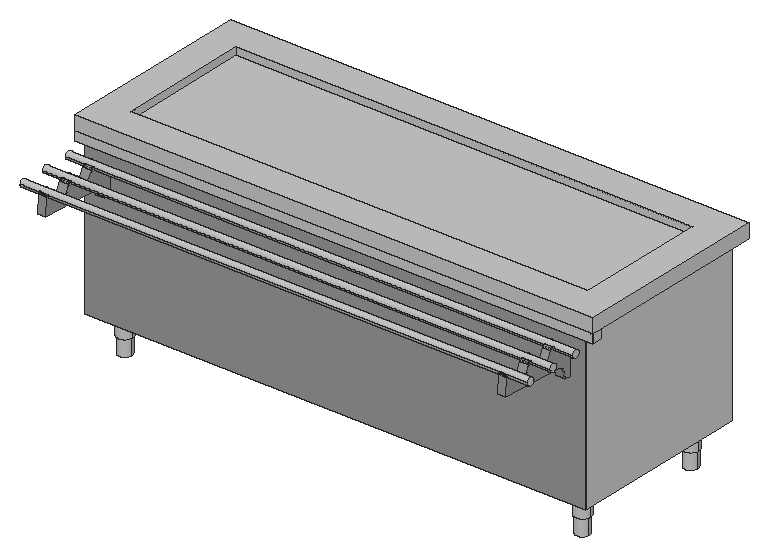
Revit family "QF_BOURGEAT_Self_meuble_cuve_froid_statique_baie_libre_6GN", category Equipement spécialisé, Revit 2015
Parameters (values of type "baie _libre_cuve30")
  profondeur_cuve = 30 mm
  presentoir = no
  porte_reserve = no
  etageres = no
  URL catalogue = "http://www.bourgeat.fr"
  URL = ""
  Type de Raccord Electrique = ""
  Type article = ""
  Type Fluide Frigorigène = "R404a"
  Tension = 230 V
  Spécification du Fabricant = "meuble cuve froid statique OASIS"
  Roues = no
  Remarques Electricité = ""
  Puissance électrique  = 1000 W
  Puissance frigorifique = "396W"
  Profondeur hors tout = 820 mm
  Poids net à vide = 300.00 kg
  Pieds_centre = no
  Pieds = yes
  Phase = 2
  Niveau Sonore = "60dBa"
  Nature isolant = "polyurethane"
  Modèle = "853026"
  Longueur hors tout = 2184 mm
  Intensité nominale = 4.34783 A
  Indice de protection = "21"
  Hauteur hors tout = 900 mm
  Fréquence = 50 Hz
  Fabricant = "BOURGEAT"
  Contact SAV = "0033(0)4.76.32.14.44"
  Classe_climatique = "3"
  Charge_gaz = ""
  Charge max = 200.00 kg
Reference planes
  plane 1 "Centre (avant/arrière)": y = 0
  plane 2: z = 0
  plane 3 "Centre (gauche/droite)": x = 0
  plane 4: y = 812
  plane 5: y = 668.25
  plane 6: y = 97.194
  plane 7: z = 235
  plane 8: z = 515
  plane 9: y = 555
  plane 10: z = 640
  plane 11: x = -2046
Forms (mm)
  Extrusion 1, solid
    sketch origin (-29.925, 3.363, 0) x (1, 0, 0) y (0, 1, 0)
      loop
        circle (-2016.075, 551.637) r 5
    from 154.552 to 160
  Extrusion 2, solid, material "Acier inoxydable, brossé"
    sketch origin (0, 0, 0) x (1, 0, 0) y (0, 1, 0)
      loop
        line (-203, 760) -> (-1589, 760) -> (-1589, 80) -> (-203, 80) -> (-203, 760)
    from 160 to 250
Dimensions and locks
  locked: plane 4 to nested 1 at 47
  locked: nested 1 to plane 6 at 97.194
  locked: nested 1 to plane 5 at 96.75
  nested 2 to nested 1 = 561 mm
  nested 1 to nested 2 = 237 mm
  plane 8 to nested 7 = 515 mm
  plane 7 to nested 7 = 235 mm
  locked: nested 2 to plane 3 "Centre (gauche/droite)" at 34
  locked: plane 2 to nested 11 at 727
  locked: nested 1 to nested 11 at 69.625
  locked: plane 4 to plane 9 at 257
  locked: plane 10 to plane 2 at 640
  nested 19 to plane 2 = 223 mm
  locked: plane 11 to nested 1 at 70
  aligned and locked: level to plane 2
  aligned and locked: nested 2 to nested 1  (x2)
  aligned and locked: nested 1 to plane 1 "Centre (avant/arrière)"
  aligned and locked: plane 4 to nested 2
  aligned and locked: nested 2 to nested 3  (x2)
  aligned and locked: nested 1 to nested 6
  aligned and locked: nested 1 to nested 7
  aligned and locked: nested 1 to nested 5
  aligned and locked: nested 1 to nested 4
  aligned and locked: nested 6 to plane 2
  aligned and locked: nested 2 to nested 5
  aligned and locked: nested 2 to nested 4
  aligned and locked: nested 6 to plane 5
  aligned and locked: nested 7 to plane 6
  aligned and locked: nested 4 to plane 5
  aligned and locked: nested 5 to plane 6
  aligned and locked: nested 3 to nested 2
  aligned and locked: plane 3 "Centre (gauche/droite)" to nested 1
  aligned and locked: nested 6 to nested 2
  aligned and locked: nested 7 to nested 2
  aligned and locked: nested 9 to nested 1  (x2)
  aligned and locked: nested 8 to nested 1  (x2)
  aligned and locked: nested 9 to plane 8
  aligned and locked: nested 8 to plane 7
  aligned and locked: nested 10 to nested 1
  aligned and locked: nested 1 to nested 11
  aligned and locked: Extrusion 1 to nested 1
  aligned and locked: nested 6 to nested 15  (x2)
  aligned and locked: nested 4 to nested 12  (x2)
  aligned and locked: nested 5 to nested 13  (x2)
  aligned and locked: nested 7 to nested 14  (x2)
  aligned and locked: Extrusion 1 sketch curve to plane 9
  aligned and locked: nested 1 to Extrusion 1 sketch curve
  aligned and locked: nested 1 to nested 14
  aligned and locked: nested 1 to nested 15
  aligned and locked: nested 1 to nested 13
  aligned and locked: nested 1 to nested 12
  aligned and locked: Extrusion 2 sketch curve to nested 1  (x2)
  aligned and locked: nested 1 to Extrusion 2 sketch curve
  aligned and locked: Extrusion 2 sketch curve to nested 10
  aligned and locked: nested 17 to nested 16
  aligned and locked: nested 2 to nested 17
  aligned and locked: nested 17 to plane 6
  aligned and locked: nested 16 to plane 5
  aligned and locked: nested 18 to plane 10
  aligned and locked: nested 18 to nested 1  (x2)
  aligned and locked: nested 19 to nested 1
  aligned and locked: nested 19 to plane 11
Nested families
  nested 1: "corps_meuble" at (0, 0, 160), type "corps_meuble"
  nested 2: "cuve" at (-1058, 402, 808), type "cuve_30"
    with profondeur_cuve 30 mm, lg_cuve 2184 mm
  nested 3: "presentoir" at (-1058, 402, 551.997) x (0, 1, 0) z (0, 0, 1), visible <- "presentoir", type "presentoir"
    with lg_presentoir 2072 mm, lg_ht 2184 mm
  nested 4: "pied" at (-93, 668.25, 0), visible <- "Pieds", type "pied"
  nested 5: "pied" at (-93, 97.194, 0), visible <- "Pieds", type "pied"
  nested 6: "pied" at (-2023, 668.25, 0), visible <- "Pieds", type "pied"
  nested 7: "pied" at (-2023, 97.194, 0), visible <- "Pieds", type "pied"
  nested 8: "etagere" at (-896, 80, 197) x (-1, 0, 0) z (0, 0, 1), visible <- "etageres", type "etagere"
    with lg_ht 2184 mm, lg_etagere 1386 mm
  nested 9: "etagere" at (-896, 80, 477) x (-1, 0, 0) z (0, 0, 1), visible <- "etageres", type "etagere"
    with lg_ht 2184 mm, lg_etagere 1386 mm
  nested 10: "bandeau_h83" at (-896, 760, 757), type "bandeau_h83"
  nested 11: "IHM_horizontal" at (-1951.875, 765, 727) x (-1, 0, 0) z (0, 0, 1), type "IHM_horizontal"
  nested 12: "roue_ht160" at (-93, 668.25, -0.21), visible <- "Roues", type "roue_ht160"
    with Sans frein yes, Avec frein yes
  nested 13: "roue_ht160" at (-93, 97.194, -0.21), visible <- "Roues", type "roue_ht160"
    with Sans frein yes, Avec frein yes
  nested 14: "roue_ht160" at (-2023, 97.194, -0.21), visible <- "Roues", type "roue_ht160"
    with Sans frein yes, Avec frein yes
  nested 15: "roue_ht160" at (-2023, 668.25, -0.21), visible <- "Roues", type "roue_ht160"
    with Sans frein yes, Avec frein yes
  nested 16: "pied" at (-1058, 668.25, 0), visible <- "Pieds_centre", type "pied"
  nested 17: "pied" at (-1058, 97.194, 0), visible <- "Pieds_centre", type "pied"
  nested 18: "barre_et_console" at (-1058, 0, 465) x (-1, 0, 0) z (0, 0, 1), type "barre_et_console"
    with lg_ht 2184 mm, lg_barre_console 2140 mm
  nested 19: "porte_groupe_froid" at (-1826, 775, 53), type "lg440"
Connectors
  electrical at (-2046, 555, 154.552), driven by "Tension"
    settings: on Extrusion 1, index 1, voltage 230 V, apparent load 0 VA, apparent load phase1 1000 VA, apparent load phase2 0 VA, apparent load phase3 0 VA, power factor 1, load classification "Autre", number of poles 2, system type 30, power factor state 1, is connector primary yes, connector utility no, sub classification motor no, connector description ""
Definition of nested family "corps_meuble"
  Parameters (values of type "corps_meuble")
    lg_ouverture_cuve = lg_meuble - 200 mm  # 1916 mm
    lg_meuble = Largeur_hors_tout - 68 mm  # 2116 mm
    Largeur_hors_tout = 2184 mm
  Reference planes
    plane 1 "Centre (avant/arrière)": y = 0
    plane 2: z = 0
    plane 3 "Centre (gauche/droite)": x = 0
    plane 4: z = 680
    plane 5: x = -1058
    plane 6: x = 0
    plane 7: x = -2116
    plane 8: x = -2046
    plane 9: x = -70
    plane 10: x = -1589
    plane 11: x = -203
    plane 12: y = 382.5
    plane 13: x = -2019
    plane 14: y = -1
  Forms (mm)
    Extrusion 1, solid
      sketch origin (0, -50.814, 0) x (1, 0, 0) y (0, 1, 0)
        loop
          line (-2116, 815.814) -> (-2116, 50.814) -> (0, 50.814) -> (0, 815.814) -> (-203, 815.814) -> (-203, 130.814) -> (-1589, 130.814) -> (-1589, 815.814) -> (-2116, 815.814)
      from 0 to 680
    Extrusion 2, void
      sketch origin (0, 0, 0) x (1, 0, 0) y (0, 1, 0)
        loop
          line (-2046, 739.99) -> (-2046, 39.99) -> (-70, 39.99) -> (-70, 739.99) -> (-2046, 739.99)
      from 588.119 to 680
    Extrusion 3, solid
      sketch origin (0, 0, 0) x (1, 0, 0) y (0, 0, 1)
        loop
          line (-2116, 680) -> (-2116, 0) -> (0, 0) -> (0, 680) -> (-2116, 680)
      from 0 to 1
  Cuts and joins
    Extrusion 2 cuts Extrusion 1
  Dimensions and locks
    locked: plane 4 to plane 2 at 680
    locked: plane 7 to plane 8 at 70
    "lg_meuble": plane 7 to plane 3 "Centre (gauche/droite)"
    equal spacing: plane 7, plane 5, plane 3 "Centre (gauche/droite)"
    locked: plane 7 to plane 10 at 527
    locked: plane 11 to plane 3 "Centre (gauche/droite)" at 203
    locked: plane 9 to plane 3 "Centre (gauche/droite)" at 70
    locked: plane 7 to plane 13 at 97
    aligned and locked: level to plane 2
    aligned and locked: Extrusion 1 sketch curve to Extrusion 1 sketch curve
    aligned and locked: plane 4 to Extrusion 1
    aligned and locked: plane 3 "Centre (gauche/droite)" to plane 6
    aligned and locked: plane 9 to Extrusion 2
    aligned and locked: plane 3 "Centre (gauche/droite)" to cut or joined group of Extrusion 1, Extrusion 2
    aligned and locked: cut or joined group of Extrusion 1, Extrusion 2 to plane 7
    aligned and locked: cut or joined group of Extrusion 1, Extrusion 2 to plane 8
    aligned and locked: plane 10 to cut or joined group of Extrusion 1, Extrusion 2
    aligned and locked: cut or joined group of Extrusion 1, Extrusion 2 to plane 11
    aligned and locked: Extrusion 3 sketch curve to cut or joined group of Extrusion 1, Extrusion 2  (x4)
    aligned and locked: plane 14 to Extrusion 3
    aligned and locked: Extrusion 3 to plane 7
    aligned and locked: plane 3 "Centre (gauche/droite)" to Extrusion 3
  Automatic sketch dimensions
    Extrusion 1 sketch curve to plane 1 "Centre (avant/arrière)" = 0 mm
    Extrusion 1 sketch curve to Extrusion 1 sketch curve = 685 mm
    Extrusion 1 sketch curve to plane 3 "Centre (gauche/droite)" = 0 mm
    Extrusion 1 sketch curve to plane 5 = 531 mm
    Extrusion 1 sketch curve to plane 5 = 1058 mm
    Extrusion 1 sketch curve to plane 1 "Centre (avant/arrière)" = 80 mm
    Extrusion 1 sketch curve to Extrusion 1 sketch curve = 765 mm
    Extrusion 1 sketch curve to plane 9 = 133 mm
    Extrusion 2 sketch curve to plane 8 = 0 mm
    Extrusion 2 sketch curve to plane 9 = 0 mm
    Extrusion 2 sketch curve to plane 1 "Centre (avant/arrière)" = 39.99 mm
    plane 12 to Extrusion 2 sketch curve = 357.49 mm
Definition of nested family "cuve"
  Parameters (values of type "cuve_30")
    profondeur_cuve = 90 mm
    lg_cuve = 1209 mm
  Reference planes
    plane 1 "Centre (avant/arrière)": y = 0
    plane 2: z = 0
    plane 3 "Centre (gauche/droite)": x = 0
    plane 4: y = 410
    plane 5: y = -410
    plane 6: x = -604.5
    plane 7: x = 604.5
    plane 8: z = 92
    plane 9: y = 277
    plane 10: y = -277
    plane 11: x = 477.5
    plane 12: x = -477.5
    plane 13: z = 2
    plane 14: y = -279
    plane 15: x = -479.5
    plane 16: y = 279
    plane 17: x = 479.5
    plane 18: z = 32
    plane 19: y = -408
    plane 20: z = 82
    plane 21: z = -4
  Forms (mm)
    Extrusion 1, solid
      sketch origin (12, -10, 0) x (1, 0, 0) y (0, 1, 0)
        loop
          line (-616.5, 420) -> (-616.5, -400) -> (592.5, -400) -> (592.5, 420) -> (-616.5, 420)
      from 0 to 92
    Extrusion 2, void
      sketch origin (0, 0, 0) x (1, 0, 0) y (0, 1, 0)
        loop
          line (-477.5, 277) -> (-477.5, -277) -> (477.5, -277) -> (477.5, 277) -> (-477.5, 277)
      from 2 to 250
    Extrusion 3, void
      sketch origin (0, 0, 0) x (1, 0, 0) y (0, 1, 0)
        loop
          line (-479.5, 279) -> (-479.5, -279) -> (479.5, -279) -> (479.5, 279) -> (-479.5, 279)
        loop
          line (-674.5, 480) -> (-674.5, -480) -> (674.5, -480) -> (674.5, 480) -> (-674.5, 480)
      from 0 to 32
    Extrusion 4, solid
      sketch origin (0, 0, 0) x (1, 0, 0) y (0, 1, 0)
        loop
          line (-604.5, -408) -> (-604.5, -410) -> (604.5, -410) -> (604.5, -408) -> (-604.5, -408)
      from -4 to 32
    Extrusion 5, solid
      sketch origin (0, 0, 0) x (0, 1, 0) y (0, 0, 1)
        loop
          line (-408, -4) -> (-370, -4) -> (-370, 32) -> (-408, 32) -> (-408, -4)
      from -604.5 to 604.5
  Cuts and joins
    Extrusion 2, Extrusion 3 cuts Extrusion 1
  Dimensions and locks
    equal spacing: plane 4, plane 1 "Centre (avant/arrière)", plane 5, locked at 410 each
    plane 4 to plane 5 = 820 mm
    equal spacing: plane 6, plane 3 "Centre (gauche/droite)", plane 7
    "lg_cuve": plane 6 to plane 7
    plane 8 to plane 2 = 92 mm
    locked: plane 5 to plane 10 at 133
    locked: plane 4 to plane 9 at 133
    locked: plane 11 to plane 7 at 127
    locked: plane 6 to plane 12 at 127
    locked: plane 16 to plane 9 at 2
    locked: plane 15 to plane 12 at 2
    locked: plane 14 to plane 10 at 2
    locked: plane 11 to plane 17 at 2
    locked: Extrusion 3 sketch curve to plane 6 at 70
    locked: Extrusion 3 sketch curve to plane 5 at 70
    locked: plane 7 to Extrusion 3 sketch curve at 70
    locked: Extrusion 3 sketch curve to plane 4 at 70
    locked: plane 8 to plane 18 at 60
    locked: plane 5 to plane 19 at 2
    locked: plane 21 to plane 18 at 36
    locked: cut or joined group of Extrusion 1, Extrusion 2, Extrusion 3 to cut or joined group of Extrusion 1, Extrusion 2, Extrusion 3 at 554
    "profondeur_cuve": plane 8 to plane 13
    aligned and locked: plane 2 to level
    aligned and locked: plane 6 to Extrusion 1 sketch curve
    aligned and locked: Extrusion 1 sketch curve to plane 7
    aligned and locked: plane 8 to Extrusion 1
    aligned and locked: plane 4 to Extrusion 1
    aligned and locked: plane 5 to Extrusion 1
    aligned and locked: Extrusion 2 sketch curve to plane 9
    aligned and locked: Extrusion 2 sketch curve to plane 12
    aligned and locked: Extrusion 2 sketch curve to plane 10
    aligned and locked: Extrusion 2 sketch curve to plane 11
    aligned and locked: cut or joined group of Extrusion 1, Extrusion 2, Extrusion 3 to plane 13
    aligned and locked: Extrusion 3 sketch curve to plane 16
    aligned and locked: Extrusion 3 sketch curve to plane 15
    aligned and locked: Extrusion 3 sketch curve to plane 14
    aligned and locked: Extrusion 3 sketch curve to plane 17
    aligned and locked: cut or joined group of Extrusion 1, Extrusion 2, Extrusion 3 to plane 18
    aligned and locked: Extrusion 4 sketch curve to plane 19
    aligned and locked: plane 6 to Extrusion 4 sketch curve
    aligned and locked: Extrusion 4 sketch curve to cut or joined group of Extrusion 1, Extrusion 2, Extrusion 3  (x2)
    aligned and locked: cut or joined group of Extrusion 1, Extrusion 2, Extrusion 3 to Extrusion 4
    aligned and locked: plane 18 to Extrusion 5 sketch curve
    aligned and locked: Extrusion 4 to Extrusion 5 sketch curve
    aligned and locked: cut or joined group of Extrusion 1, Extrusion 2, Extrusion 3 to Extrusion 5
    aligned and locked: Extrusion 5 to cut or joined group of Extrusion 1, Extrusion 2, Extrusion 3
    aligned and locked: plane 21 to Extrusion 5 sketch curve
    aligned and locked: Extrusion 4 to Extrusion 5
  Automatic sketch dimensions
    Extrusion 1 sketch curve to plane 5 = 0 mm
    plane 4 to Extrusion 1 sketch curve = 0 mm
    Extrusion 5 sketch curve to plane 5 = 2 mm
    Extrusion 5 sketch curve to Extrusion 5 sketch curve = 38 mm
Definition of nested family "presentoir"
  Parameters (values of type "presentoir")
    lg_presentoir = lg_ht - 112 mm  # 1097 mm
    lg_ht = 1209 mm
  Reference planes
    plane 1 "Centre (avant/arrière)": y = 0
    plane 2: z = 0
    plane 3 "Centre (gauche/droite)": x = 0
    plane 4: x = 0
    plane 5: y = 0
    plane 6: z = 348.003
    plane 7: z = 775.003
    plane 8: z = 353.003
    plane 9: z = 770.54
    plane 10: z = 727.003
    plane 11: y = 548.5
    plane 12: y = -548.5
    plane 13: y = 548.5
    plane 14: y = -548.5
  Forms (mm)
    Extrusion 1, solid
      sketch origin (0, 0, 0) x (1, 0, 0) y (0, 0, 1)
        loop
          line (-240.07, 650.474) -> (-234.874, 647.474) -> (-219.875, 673.453)
          arc (-219.875, 673.453) -> (-158.748, 734.58) -> (-75.248, 756.953) r 167
          line (-75.248, 756.953) -> (179.75, 756.953) -> (179.75, 762.953) -> (-75.248, 762.953)
          arc (-75.248, 762.953) -> (-161.33, 740.45) -> (-224.372, 677.664) r 170.59
          line (-224.372, 677.664) -> (-240.07, 650.474)
      from -503.5 to 503.5
    Extrusion 2, solid
      sketch origin (0, 0, 0) x (1, 0, 0) y (0, 1, 0)
        loop
          line (-25, 548.5) -> (-30.461, 503.5) -> (30.461, 503.5) -> (25, 548.5)
          arc (25, 548.5) -> (0, 523.5) -> (-25, 548.5) r 25
        loop
          arc (-25, -548.5) -> (0, -523.5) -> (25, -548.5) r 25
          line (25, -548.5) -> (30.461, -503.5) -> (-30.461, -503.5) -> (-25, -548.5)
      from 727.003 to 770.54
    Extrusion 3, solid
      sketch origin (0, -396.5, 0) x (1, 0, 0) y (0, 1, 0)
        loop
          circle (0, 945) r 21.2
        loop
          circle (0, -152) r 21.2
      from 353.003 to 775.003
    Revolve 4, solid
      sketch origin (0, 0, 0) x (0, 1, 0) y (0, 0, 1)
        loop
          line (-548.5, 353.003) -> (-569.7, 353.003) -> (-573.5, 349.203) -> (-573.5, 348.003) -> (-548.5, 348.003) -> (-548.5, 353.003)
        axis (-548.5, 353.003) -> (-548.5, 348.003)
      angle from 0 to 360
    Revolve 5, solid
      sketch origin (0, 0, 0) x (0, -1, 0) y (0, 0, 1)
        loop
          line (-548.5, 353.003) -> (-569.7, 353.003) -> (-573.5, 349.203) -> (-573.5, 348.003) -> (-548.5, 348.003) -> (-548.5, 353.003)
        axis (-548.5, 353.003) -> (-548.5, 348.003)
      angle from 0 to 360
  Dimensions and locks
    equal spacing: plane 11, plane 1 "Centre (avant/arrière)", plane 12
    "lg_presentoir": plane 11 to plane 12
    locked: Extrusion 2 sketch curve to plane 14 at 45
    locked: plane 13 to Extrusion 2 sketch curve at 45
    aligned and locked: level to plane 2
    aligned and locked: plane 3 "Centre (gauche/droite)" to plane 4
    aligned and locked: Extrusion 3 to plane 7
    aligned and locked: plane 8 to Extrusion 3
    aligned and locked: Extrusion 2 to plane 9
    aligned and locked: plane 10 to Extrusion 2
    aligned and locked: plane 1 "Centre (avant/arrière)" to plane 5
    aligned and locked: plane 11 to Extrusion 3
    aligned and locked: plane 12 to Extrusion 3
    aligned and locked: plane 13 to plane 11
    aligned and locked: plane 14 to plane 12
    aligned and locked: Extrusion 1 to Extrusion 2  (x2)
  Automatic sketch dimensions
    Extrusion 1 sketch curve to plane 3 "Centre (gauche/droite)" = 240.07 mm
    plane 10 to Extrusion 1 sketch curve = 79.529 mm
    Extrusion 1 sketch curve to Extrusion 1 sketch curve = 5.196 mm
    plane 10 to Extrusion 1 sketch curve = 49.34 mm
    Extrusion 1 sketch curve to Extrusion 1 sketch curve = 15.698 mm
    plane 10 to Extrusion 1 sketch curve = 53.55 mm
    Extrusion 1 sketch curve to plane 3 "Centre (gauche/droite)" = 76.636 mm
    Extrusion 1 sketch curve to Extrusion 1 sketch curve = 1.388 mm
    Extrusion 1 sketch curve to Extrusion 1 sketch curve = 0 mm
    plane 9 to Extrusion 1 sketch curve = 13.587 mm
    plane 3 "Centre (gauche/droite)" to Extrusion 1 sketch curve = 179.75 mm
    Extrusion 1 sketch curve to Extrusion 1 sketch curve = 2.415 mm
    Extrusion 2 sketch curve to plane 14 = 0 mm
    plane 11 to Extrusion 2 sketch curve = 0 mm
    Extrusion 2 sketch curve to plane 3 "Centre (gauche/droite)" = 0 mm  (x2)
    Extrusion 2 sketch curve to Extrusion 2 sketch curve = 25 mm  (x2)
    Extrusion 2 sketch curve to plane 3 "Centre (gauche/droite)" = 30.461 mm  (x2)
    plane 3 "Centre (gauche/droite)" to Extrusion 2 sketch curve = 30.461 mm  (x2)
    Extrusion 3 sketch curve to plane 3 "Centre (gauche/droite)" = 0 mm  (x2)
    Extrusion 3 sketch curve to plane 12 = 0 mm
    plane 11 to Extrusion 3 sketch curve = 0 mm
    Revolve 4 sketch curve to plane 6 = 0 mm
    Revolve 4 sketch curve to plane 8 = 0 mm
    Revolve 4 sketch curve to plane 12 = 0 mm  (x2)
    Revolve 4 sketch curve to Revolve 4 sketch curve = 21.2 mm
    Revolve 4 sketch curve to Revolve 4 sketch curve = 3.8 mm
    Revolve 4 sketch curve to Revolve 4 sketch curve = 1.2 mm
    Revolve 4 sketch curve to plane 6 = 14.256 mm
    plane 8 to Revolve 4 sketch curve = 30.744 mm
    Revolve 5 sketch curve to plane 6 = 0 mm
    plane 8 to Revolve 5 sketch curve = 0 mm
    Revolve 5 sketch curve to plane 11 = 0 mm  (x2)
    Revolve 5 sketch curve to plane 11 = 21.2 mm
    Revolve 5 sketch curve to Revolve 5 sketch curve = 3.8 mm
    Revolve 5 sketch curve to Revolve 5 sketch curve = 1.2 mm
    plane 6 to Revolve 5 sketch curve = 14.256 mm
    Revolve 5 sketch curve to Revolve 5 sketch curve = 30.744 mm
    radius of Extrusion 3 sketch curve = 21.2 mm  (x2)
Definition of nested family "pied"
  Reference planes
    plane 1 "Centre (avant/arrière)": y = 0
    plane 2: z = 0
    plane 3 "Centre (gauche/droite)": x = 0
  Forms (mm)
    Revolve 1, solid
      sketch origin (0, 0, 0) x (1, 0, 0) y (0, 0, 1)
        loop
          line (0, 160) -> (-33, 160) -> (-33, 70) -> (-28, 70) -> (-28, 0) -> (0, 0) -> (0, 160)
        axis (0, 160) -> (0, 0)
      angle from 0 to 360
  Dimensions and locks
    plane 3 "Centre (gauche/droite)" to Revolve 1 sketch curve = 28 mm
    Revolve 1 sketch curve to plane 3 "Centre (gauche/droite)" = 33 mm
    Revolve 1 sketch curve to plane 2 = 70 mm
    Revolve 1 sketch curve to Revolve 1 sketch curve = 90 mm
    aligned and locked: level to plane 2
Definition of nested family "etagere"
  Parameters (values of type "etagere")
    lg_ht = 1209 mm
    lg_etagere = lg_ht - (561 mm + 237 mm)  # 411 mm
  Reference planes
    plane 1 "Centre (avant/arrière)": y = 0
    plane 2: z = 0
    plane 3 "Centre (gauche/droite)": x = 0
    plane 4: y = -625
    plane 5: y = -623
    plane 6: y = -2
    plane 7: x = 0
  Forms (mm)
    Extrusion 1, solid
      sketch origin (0, 0, 0) x (0, 1, 0) y (0, 0, 1)
        loop
          line (0, 119.481) -> (-2, 119.481) -> (-2, 40) -> (-625, 40) -> (-625, 0) -> (-623, 0) -> (-623, 38) -> (0, 38) -> (0, 119.481)
      from -205.5 to 205.5
  Dimensions and locks
    locked: plane 6 to plane 1 "Centre (avant/arrière)" at 2
    locked: plane 4 to plane 5 at 2
    plane 4 to plane 1 "Centre (avant/arrière)" = 625 mm
    equal spacing: Extrusion 1, plane 7, Extrusion 1
    "lg_etagere": Extrusion 1 to Extrusion 1
    aligned and locked: level to plane 2
    aligned and locked: plane 2 to Extrusion 1 sketch curve
    aligned and locked: plane 1 "Centre (avant/arrière)" to Extrusion 1 sketch curve
    aligned and locked: plane 4 to Extrusion 1
    aligned and locked: plane 5 to Extrusion 1
    aligned and locked: Extrusion 1 to plane 6
    aligned and locked: plane 3 "Centre (gauche/droite)" to plane 7
  Automatic sketch dimensions
    Extrusion 1 sketch curve to plane 4 = 0 mm
    Extrusion 1 sketch curve to plane 5 = 0 mm
    Extrusion 1 sketch curve to plane 6 = 0 mm
    level to Extrusion 1 sketch curve = 38 mm
    Extrusion 1 sketch curve to Extrusion 1 sketch curve = 2 mm
    Extrusion 1 sketch curve to Extrusion 1 sketch curve = 79.481 mm
Definition of nested family "bandeau_h83"
  Parameters (values of type "bandeau_h83")
    lg_ht = 2184 mm
    lg_bandeau = lg_ht - (561 mm + 237 mm)  # 1386 mm
  Reference planes
    plane 1 "Centre (avant/arrière)": y = 0
    plane 2: z = 0
    plane 3 "Centre (gauche/droite)": x = 0
    plane 4: x = -693
    plane 5: x = 693
    plane 6: y = 5
    plane 7: z = 83
  Forms (mm)
    Extrusion 1, solid
      sketch origin (476, 10, 0) x (1, 0, 0) y (0, 1, 0)
        loop
          line (-1169, -10) -> (217, -10) -> (217, -5) -> (-1169, -5) -> (-1169, -10)
      from 0 to 83
  Dimensions and locks
    plane 7 to plane 2 = 83 mm
    locked: plane 1 "Centre (avant/arrière)" to plane 6 at 5
    "lg_bandeau": plane 4 to plane 5
    equal spacing: plane 4, plane 3 "Centre (gauche/droite)", plane 5
    aligned and locked: level to plane 2
    aligned and locked: Extrusion 1 to plane 4
    aligned and locked: plane 5 to Extrusion 1
    aligned and locked: Extrusion 1 to plane 6
    aligned and locked: plane 7 to Extrusion 1
    aligned and locked: plane 1 "Centre (avant/arrière)" to Extrusion 1
  Automatic sketch dimensions
    Extrusion 1 sketch curve to plane 4 = 0 mm
    Extrusion 1 sketch curve to plane 5 = 0 mm
    plane 1 "Centre (avant/arrière)" to Extrusion 1 sketch curve = 0 mm
    Extrusion 1 sketch curve to plane 6 = 0 mm
Definition of nested family "IHM_horizontal"
  Reference planes
    plane 1 "Centre (avant/arrière)": y = 0
    plane 2: z = 0
    plane 3 "Centre (gauche/droite)": x = 0
    plane 4: y = -10
    plane 5: y = -13
  Forms (mm)
    Extrusion 1, solid
      sketch origin (-374.736, 0, -402) x (1, 0, 0) y (0, 0, 1)
        loop
          line (280.236, 402) -> (469.236, 402) -> (469.236, 440) -> (280.236, 440) -> (280.236, 402)
      from 0 to 10
    Extrusion 2, solid
      sketch origin (0, 0, 0) x (1, 0, 0) y (0, 0, 1)
        loop
          line (-89.496, 32.01) -> (-89.496, 7.01) -> (90.504, 7.01) -> (90.504, 32.01) -> (-89.496, 32.01)
      from 10 to 13
  Dimensions and locks
    plane 4 to plane 1 "Centre (avant/arrière)" = 10 mm
    aligned and locked: level to plane 2
    aligned and locked: Extrusion 1 to plane 4
    aligned and locked: Extrusion 2 to plane 5
    aligned and locked: plane 4 to Extrusion 2
Definition of nested family "roue_ht160"
  Parameters (values of type "roue_ht160")
    Sans frein [instance] = yes
    Avec frein [instance] = yes
  Reference planes
    plane 1 "Centre (avant/arrière)": y = 0
    plane 2: z = 0
    plane 3 "Centre (gauche/droite)": x = 0
    plane 4: y = 40.851
    plane 5: z = 62.5
  Forms (mm)
    Extrusion 1, solid
      sketch origin (0, 0, 0) x (0, 1, 0) y (0, 0, 1)
        loop
          circle (40.851, 62.5) r 62.5
        loop
          circle (40.851, 62.5) r 57.5
      from -12.5 to 12.5
    Revolve 2, solid
      sketch origin (0, 0, 0) x (0, 1, 0) y (0, 0, 1)
        loop
          line (0, 160.21) -> (-20.149, 160.21) -> (-20.149, 159.41) -> (-21.6, 159.41)
          arc (-21.6, 159.41) -> (-24.448, 158.65) -> (-26.537, 156.572) r 5.712
          line (-26.537, 156.572) -> (-30.146, 147.743) -> (-26.999, 147.062) -> (-26.999, 146.112)
          arc (-26.999, 146.112) -> (-27.23, 145.314) -> (-27.849, 144.761) r 1.5
          arc (-27.849, 144.761) -> (-29.223, 143.633) -> (-29.923, 142) r 3.75
          line (-29.923, 142) -> (0, 142) -> (0, 160.21)
        axis (0, 160.21) -> (0, 142)
      angle from 0 to 360
    Extrusion 3, solid
      sketch origin (0, 0, 0) x (0, 1, 0) y (0, 0, -1)
        loop
          line (-29.974, -138.241) -> (-29.974, -142) -> (21.747, -142) -> (21.747, -60.336)
          arc (21.747, -60.336) -> (10.272, -70.702) -> (-0.149, -82.127) r 160.057
          arc (-0.149, -82.127) -> (-17.883, -108.684) -> (-29.974, -138.241) r 159.585
      from -24.913 to -23.038
    Extrusion 4, solid
      sketch origin (0, 0, 0) x (0, 1, 0) y (0, 0, 1)
        loop
          line (-29.974, 142) -> (-29.974, 140.869) -> (21.747, 140.869) -> (21.747, 142) -> (-29.974, 142)
      from -23.038 to 23.038
    Extrusion 5, solid
      sketch origin (0, 0, 0) x (0, 1, 0) y (0, 0, 1)
        loop
          circle (40.851, 62.5) r 57.5
        loop
          circle (40.851, 62.5) r 55
      from -12.5 to 12.5
    Extrusion 6, solid
      sketch origin (0, 0, 0) x (0, 1, 0) y (0, 0, 1)
        loop
          circle (40.851, 62.5) r 55
      from -7 to 7
    Extrusion 7, solid
      sketch origin (0, 0, 0) x (0, 1, 0) y (0, 0, 1)
        loop
          circle (40.851, 62.5) r 21
      from 7 to 15
    Extrusion 8, solid
      sketch origin (0, 0, 0) x (0, 1, 0) y (0, 0, -1)
        loop
          circle (40.851, -62.5) r 16
      from -23.038 to -15
    Extrusion 9, solid, visible <- "Sans frein"
      sketch origin (0, 0, 0) x (0, 1, 0) y (0, 0, 1)
        loop
          arc (21.747, 60.336) -> (23.188, 59.17) -> (24.642, 58.02) r 161.23
          arc (24.642, 58.02) -> (29.34, 54.513) -> (34.187, 51.216) r 133.333
          arc (34.187, 51.216) -> (46.517, 50.3) -> (53.927, 60.198) r 12.867
          arc (53.927, 60.198) -> (54.714, 99.183) -> (46.119, 137.216) r 161.222
          arc (46.119, 137.216) -> (45.679, 138.887) -> (45.531, 140.609) r 10.076
          line (45.531, 140.609) -> (45.531, 142) -> (21.747, 142) -> (21.747, 60.336)
      from 23.038 to 24.913
    Extrusion 10, solid, visible <- "Sans frein"
      sketch origin (0, 0, 0) x (0, 1, 0) y (0, 0, 1)
        loop
          line (21.747, 142) -> (21.747, 140.701) -> (48.851, 140.701) -> (48.851, 142) -> (21.747, 142)
      from -23.038 to 23.038
    Extrusion 11, solid, visible <- "Avec frein"
      sketch origin (0, 0, 0) x (0, 1, 0) y (0, 0, 1)
        loop
          line (21.747, 142) -> (21.747, 60.336)
          arc (21.747, 60.336) -> (23.177, 59.179) -> (24.62, 58.038) r 160.008
          arc (24.62, 58.038) -> (29.041, 54.705) -> (33.574, 51.527) r 160
          arc (33.574, 51.527) -> (46.135, 50.422) -> (53.724, 60.491) r 13
          arc (53.724, 60.491) -> (55.279, 82.092) -> (53.902, 103.704) r 160
          arc (53.902, 103.704) -> (55.53, 108.653) -> (60.415, 110.463) r 6
          arc (60.415, 110.463) -> (80.625, 109.924) -> (100.725, 112.107) r 150
          arc (100.725, 112.107) -> (104.408, 113.406) -> (107.479, 115.819) r 12
          line (107.479, 115.819) -> (110.851, 121.523)
          arc (110.851, 121.523) -> (85.913, 134.651) -> (58.706, 142) r 127.902
          line (58.706, 142) -> (21.747, 142)
      from 23.038 to 24.913
    Extrusion 12, solid, visible <- "Avec frein"
      sketch origin (0, 0, 0) x (0, 1, 0) y (0, 0, 1)
        loop
          line (58.706, 142) -> (21.747, 142) -> (21.747, 140) -> (58.552, 140)
          arc (58.552, 140) -> (85.253, 132.762) -> (109.73, 119.866) r 125.902
          line (109.73, 119.866) -> (110.851, 121.523)
          arc (110.851, 121.523) -> (85.913, 134.651) -> (58.706, 142) r 127.902
      from -23.038 to 23.038
    Extrusion 13, solid, visible <- "Avec frein"
      sketch origin (0, 19.896, 18.175) x (0, 1, 0) y (0, 0, 1)
        loop
          line (87.583, 97.644) -> (91.829, 95.227)
          arc (91.829, 95.227) -> (93.8, 95.006) -> (95.312, 96.29) r 2.5
          arc (95.312, 96.29) -> (103.495, 100.002) -> (111.176, 104.666) r 74.999
          line (111.176, 104.666) -> (110.852, 105.929)
          arc (110.852, 105.929) -> (110.04, 107.086) -> (108.666, 107.417) r 2
          arc (108.666, 107.417) -> (101.396, 105.849) -> (94.512, 103.034) r 42.354
          line (94.512, 103.034) -> (93.479, 101.228) -> (93.285, 100.414) -> (91.69, 101.675) -> (90.401, 102.412) -> (87.583, 97.644)
      from -23.038 to 23.038
    Extrusion 14, solid, not visible
      sketch origin (0, 0, 0) x (0, 1, 0) y (0, 0, -1)
        loop
          line (-29.974, -138.241) -> (-29.974, -142) -> (21.747, -142) -> (21.747, -60.336)
          arc (21.747, -60.336) -> (10.272, -70.702) -> (-0.149, -82.127) r 160.057
          arc (-0.149, -82.127) -> (-17.883, -108.684) -> (-29.974, -138.241) r 159.585
      from -24.913 to -23.038
    Extrusion 15, solid, not visible
      sketch origin (0, 0, 0) x (0, 1, 0) y (0, 0, 1)
        loop
          circle (40.851, 62.5) r 21
      from 7 to 15
    Extrusion 16, solid, not visible
      sketch origin (0, 0, 0) x (0, 1, 0) y (0, 0, -1)
        loop
          circle (40.851, -62.5) r 16
      from -23.038 to -15
    Extrusion 17, solid, visible <- "Sans frein", not visible
      sketch origin (0, 0, 0) x (0, 1, 0) y (0, 0, 1)
        loop
          arc (21.747, 60.336) -> (23.188, 59.17) -> (24.642, 58.02) r 161.23
          arc (24.642, 58.02) -> (29.34, 54.513) -> (34.187, 51.216) r 133.333
          arc (34.187, 51.216) -> (46.517, 50.3) -> (53.927, 60.198) r 12.867
          arc (53.927, 60.198) -> (54.714, 99.183) -> (46.119, 137.216) r 161.222
          arc (46.119, 137.216) -> (45.679, 138.887) -> (45.531, 140.609) r 10.076
          line (45.531, 140.609) -> (45.531, 142) -> (21.747, 142) -> (21.747, 60.336)
      from 23.038 to 24.913
    Extrusion 18, solid, visible <- "Avec frein", not visible
      sketch origin (0, 0, 0) x (0, 1, 0) y (0, 0, 1)
        loop
          line (21.747, 142) -> (21.747, 60.336)
          arc (21.747, 60.336) -> (23.177, 59.179) -> (24.62, 58.038) r 160.008
          arc (24.62, 58.038) -> (29.041, 54.705) -> (33.574, 51.527) r 160
          arc (33.574, 51.527) -> (46.135, 50.422) -> (53.724, 60.491) r 13
          arc (53.724, 60.491) -> (55.279, 82.092) -> (53.902, 103.704) r 160
          arc (53.902, 103.704) -> (55.53, 108.653) -> (60.415, 110.463) r 6
          arc (60.415, 110.463) -> (80.625, 109.924) -> (100.725, 112.107) r 150
          arc (100.725, 112.107) -> (104.408, 113.406) -> (107.479, 115.819) r 12
          line (107.479, 115.819) -> (110.851, 121.523)
          arc (110.851, 121.523) -> (85.913, 134.651) -> (58.706, 142) r 127.902
          line (58.706, 142) -> (21.747, 142)
      from 23.038 to 24.913
    Extrusion 19, solid
      sketch origin (0, 0, 0) x (0, -1, 0) y (0, 0, -1)
        loop
          arc (29.974, -138.241) -> (17.883, -108.684) -> (0.149, -82.127) r 159.585
          arc (0.149, -82.127) -> (-10.272, -70.702) -> (-21.747, -60.336) r 160.057
          line (-21.747, -60.336) -> (-21.747, -142) -> (29.974, -142) -> (29.974, -138.241)
      from -24.913 to -23.038
    Extrusion 20, solid
      sketch origin (0, 0, 0) x (0, -1, 0) y (0, 0, 1)
        loop
          circle (-40.851, 62.5) r 21
      from 7 to 15
    Extrusion 21, solid
      sketch origin (0, 0, 0) x (0, -1, 0) y (0, 0, -1)
        loop
          circle (-40.851, -62.5) r 16
      from -23.038 to -15
    Extrusion 22, solid, visible <- "Sans frein"
      sketch origin (0, 0, 0) x (0, -1, 0) y (0, 0, 1)
        loop
          line (-21.747, 60.336) -> (-21.747, 142) -> (-45.531, 142) -> (-45.531, 140.609)
          arc (-45.531, 140.609) -> (-45.679, 138.887) -> (-46.119, 137.216) r 10.076
          arc (-46.119, 137.216) -> (-54.714, 99.183) -> (-53.927, 60.198) r 161.222
          arc (-53.927, 60.198) -> (-46.517, 50.3) -> (-34.187, 51.216) r 12.867
          arc (-34.187, 51.216) -> (-29.34, 54.513) -> (-24.642, 58.02) r 133.333
          arc (-24.642, 58.02) -> (-23.188, 59.17) -> (-21.747, 60.336) r 161.23
      from 23.038 to 24.913
    Extrusion 23, solid, visible <- "Avec frein"
      sketch origin (0, 0, 0) x (0, -1, 0) y (0, 0, 1)
        loop
          line (-21.747, 142) -> (-58.706, 142)
          arc (-58.706, 142) -> (-85.913, 134.651) -> (-110.851, 121.523) r 127.902
          line (-110.851, 121.523) -> (-107.479, 115.819)
          arc (-107.479, 115.819) -> (-104.408, 113.406) -> (-100.725, 112.107) r 12
          arc (-100.725, 112.107) -> (-80.625, 109.924) -> (-60.415, 110.463) r 150
          arc (-60.415, 110.463) -> (-55.53, 108.653) -> (-53.902, 103.704) r 6
          arc (-53.902, 103.704) -> (-55.279, 82.092) -> (-53.724, 60.491) r 160
          arc (-53.724, 60.491) -> (-46.135, 50.422) -> (-33.574, 51.527) r 13
          arc (-33.574, 51.527) -> (-29.041, 54.705) -> (-24.62, 58.038) r 160
          arc (-24.62, 58.038) -> (-23.177, 59.179) -> (-21.747, 60.336) r 160.008
          line (-21.747, 60.336) -> (-21.747, 142)
      from 23.038 to 24.913
  Dimensions and locks
    aligned and locked: level to plane 2
Definition of nested family "barre_et_console"
  Parameters (values of type "barre_et_console")
    lg_ht = 1209 mm
    lg_barre_console = lg_ht - 44 mm  # 1165 mm
  Reference planes
    plane 1 "Centre (avant/arrière)": y = 0
    plane 2: z = 0
    plane 3 "Centre (gauche/droite)": x = 0
    plane 4: x = -582.5
    plane 5: x = 582.5
    plane 6: x = -482.5
    plane 7: x = 482.5
    plane 8: z = 320.378
    plane 9: z = 175
  Dimensions and locks
    locked: plane 4 to plane 6 at 100
    locked: plane 7 to plane 5 at 100
    equal spacing: plane 4, plane 3 "Centre (gauche/droite)", plane 5
    "lg_barre_console": plane 4 to plane 5
    aligned and locked: level to plane 2
    aligned and locked: nested 1 to plane 1 "Centre (avant/arrière)"
    aligned and locked: plane 6 to nested 1
    aligned and locked: plane 7 to nested 2
    aligned and locked: plane 5 to nested 3
    aligned and locked: nested 3 to plane 4
    aligned and locked: plane 8 to nested 3
    aligned and locked: plane 9 to nested 1
  Nested families
    nested 1: "console" at (-482.5, 0, 0) x (0, 1, 0) z (0, 0, 1), type "console"
    nested 2: "console" at (482.5, 0, 0) x (0, 1, 0) z (0, 0, 1), type "console"
    nested 3: "barre" at (582.5, 0, 19.415) x (0, 1, 0) z (0, 0, 1), type "barre"
  Definition of nested family "console"
    Reference planes
      plane 1 "Centre (avant/arrière)": y = 0
      plane 2: z = 0
      plane 3 "Centre (gauche/droite)": x = 0
      plane 4: y = 18
      plane 5: y = -18
      plane 6: y = 0
    Forms (mm)
      Extrusion 1, solid
        sketch origin (-12.245, 0, 175) x (1, 0, 0) y (0, 0, 1)
          loop
            line (12.245, 100) -> (12.245, 0) -> (39.579, 4.82) -> (50.894, 44.279)
            arc (50.894, 44.279) -> (55.986, 52.254) -> (64.592, 56.187) r 16.714
            line (64.592, 56.187) -> (348.499, 69.146) -> (343.309, 143.358)
            arc (343.309, 143.358) -> (342.973, 144.595) -> (342.189, 145.609) r 3.292
            line (342.189, 145.609) -> (337.923, 148.439)
            arc (337.923, 148.439) -> (337.371, 148.545) -> (336.906, 148.229) r 0.731
            arc (336.906, 148.229) -> (320.176, 130.386) -> (309.012, 152.149) r 14.958
            arc (309.012, 152.149) -> (308.597, 152.587) -> (308.001, 152.491) r 0.646
            line (308.001, 152.491) -> (297.265, 144.401) -> (278.874, 108.385)
            arc (278.874, 108.385) -> (262.102, 99.164) -> (245.329, 108.385) r 19.864
            line (245.329, 108.385) -> (229.634, 139.188) -> (217.945, 148.321)
            arc (217.945, 148.321) -> (217.306, 148.53) -> (216.976, 147.944) r 0.53
            arc (216.976, 147.944) -> (200.124, 130.629) -> (188.973, 152.064) r 14.905
            arc (188.973, 152.064) -> (188.691, 152.524) -> (188.154, 152.476) r 0.511
            line (188.154, 152.476) -> (177.098, 144.144) -> (158.855, 108.341)
            arc (158.855, 108.341) -> (142.039, 98.901) -> (125.223, 108.341) r 19.698
            line (125.223, 108.341) -> (109.334, 139.526) -> (97.932, 148.434)
            arc (97.932, 148.434) -> (97.187, 148.438) -> (96.994, 147.718) r 0.61
            arc (96.994, 147.718) -> (79.923, 130.663) -> (69.024, 152.192) r 14.902
            arc (69.024, 152.192) -> (68.66, 152.548) -> (68.158, 152.464) r 0.563
            line (68.158, 152.464) -> (57.103, 144.336) -> (39.164, 108.745)
            arc (39.164, 108.745) -> (33.443, 102.448) -> (25.295, 100) r 15.908
            line (25.295, 100) -> (12.245, 100)
        from -18 to 18
      Extrusion 2, solid, not visible
        sketch origin (12.755, 0, 175) x (1, 0, 0) y (0, 0, 1)
          loop
            line (12.245, 100) -> (12.245, 0) -> (39.579, 4.82) -> (50.894, 44.279)
            arc (50.894, 44.279) -> (55.986, 52.254) -> (64.592, 56.187) r 16.714
            line (64.592, 56.187) -> (348.499, 69.146) -> (343.309, 143.358)
            arc (343.309, 143.358) -> (342.973, 144.595) -> (342.189, 145.609) r 3.292
            line (342.189, 145.609) -> (337.923, 148.439)
            arc (337.923, 148.439) -> (337.371, 148.545) -> (336.906, 148.229) r 0.731
            arc (336.906, 148.229) -> (320.176, 130.386) -> (309.012, 152.149) r 14.958
            arc (309.012, 152.149) -> (308.597, 152.587) -> (308.001, 152.491) r 0.646
            line (308.001, 152.491) -> (297.265, 144.401) -> (278.874, 108.385)
            arc (278.874, 108.385) -> (262.102, 99.164) -> (245.329, 108.385) r 19.864
            line (245.329, 108.385) -> (229.634, 139.188) -> (217.945, 148.321)
            arc (217.945, 148.321) -> (217.306, 148.53) -> (216.976, 147.944) r 0.53
            arc (216.976, 147.944) -> (200.124, 130.629) -> (188.973, 152.064) r 14.905
            arc (188.973, 152.064) -> (188.691, 152.524) -> (188.154, 152.476) r 0.511
            line (188.154, 152.476) -> (177.098, 144.144) -> (158.855, 108.341)
            arc (158.855, 108.341) -> (142.039, 98.901) -> (125.223, 108.341) r 19.698
            line (125.223, 108.341) -> (109.334, 139.526) -> (97.932, 148.434)
            arc (97.932, 148.434) -> (97.187, 148.438) -> (96.994, 147.718) r 0.61
            arc (96.994, 147.718) -> (79.923, 130.663) -> (69.024, 152.192) r 14.902
            arc (69.024, 152.192) -> (68.66, 152.548) -> (68.158, 152.464) r 0.563
            line (68.158, 152.464) -> (57.103, 144.336) -> (39.164, 108.745)
            arc (39.164, 108.745) -> (33.443, 102.448) -> (25.295, 100) r 15.908
            line (25.295, 100) -> (12.245, 100)
        from -18 to 18
    Dimensions and locks
      plane 4 to plane 5 = 36 mm
      equal spacing: plane 4, plane 6, plane 5, locked at 18 each
      aligned and locked: level to plane 2
      aligned and locked: plane 4 to Extrusion 1
      aligned and locked: Extrusion 1 to plane 5
      aligned and locked: plane 6 to plane 1 "Centre (avant/arrière)"
      aligned and locked: Extrusion 1 to plane 3 "Centre (gauche/droite)"
    Automatic sketch dimensions
      Extrusion 1 sketch curve to Extrusion 1 sketch curve = 12.714 mm
      Extrusion 1 sketch curve to Extrusion 1 sketch curve = 13.05 mm
      Extrusion 1 sketch curve to Extrusion 1 sketch curve = 14.206 mm
      Extrusion 1 sketch curve to Extrusion 1 sketch curve = 27.334 mm
      Extrusion 1 sketch curve to Extrusion 1 sketch curve = 11.315 mm
      Extrusion 1 sketch curve to Extrusion 1 sketch curve = 17.938 mm
      Extrusion 1 sketch curve to Extrusion 1 sketch curve = 13.698 mm
      Extrusion 1 sketch curve to Extrusion 1 sketch curve = 16.057 mm
      Extrusion 1 sketch curve to Extrusion 1 sketch curve = 11.055 mm
      Extrusion 1 sketch curve to Extrusion 1 sketch curve = 0.333 mm
      Extrusion 1 sketch curve to Extrusion 1 sketch curve = 13.785 mm
      Extrusion 1 sketch curve to Extrusion 1 sketch curve = 15.28 mm
      Extrusion 1 sketch curve to Extrusion 1 sketch curve = 0.376 mm
      Extrusion 1 sketch curve to Extrusion 1 sketch curve = 11.401 mm
      Extrusion 1 sketch curve to Extrusion 1 sketch curve = 15.89 mm
      Extrusion 1 sketch curve to Extrusion 1 sketch curve = 16.816 mm  (x2)
      Extrusion 1 sketch curve to Extrusion 1 sketch curve = 18.243 mm
      Extrusion 1 sketch curve to Extrusion 1 sketch curve = 11.057 mm
      Extrusion 1 sketch curve to Extrusion 1 sketch curve = 0.308 mm
      Extrusion 1 sketch curve to Extrusion 1 sketch curve = 13.831 mm
      Extrusion 1 sketch curve to Extrusion 1 sketch curve = 15.204 mm
      Extrusion 1 sketch curve to Extrusion 1 sketch curve = 0.447 mm
      Extrusion 1 sketch curve to Extrusion 1 sketch curve = 11.69 mm
      Extrusion 1 sketch curve to Extrusion 1 sketch curve = 15.695 mm
      Extrusion 1 sketch curve to Extrusion 1 sketch curve = 16.772 mm  (x2)
      Extrusion 1 sketch curve to Extrusion 1 sketch curve = 18.391 mm
      Extrusion 1 sketch curve to Extrusion 1 sketch curve = 10.737 mm
      Extrusion 1 sketch curve to Extrusion 1 sketch curve = 0.389 mm
      Extrusion 1 sketch curve to Extrusion 1 sketch curve = 13.868 mm
      Extrusion 1 sketch curve to Extrusion 1 sketch curve = 15.261 mm
      Extrusion 1 sketch curve to Extrusion 1 sketch curve = 0.404 mm
      Extrusion 1 sketch curve to Extrusion 1 sketch curve = 2.506 mm
      Extrusion 1 sketch curve to Extrusion 1 sketch curve = 2.164 mm
      Extrusion 1 sketch curve to Extrusion 1 sketch curve = 1.12 mm
      Extrusion 1 sketch curve to Extrusion 1 sketch curve = 5.189 mm
      Extrusion 1 sketch curve to Extrusion 1 sketch curve = 4.639 mm
      Extrusion 1 sketch curve to Extrusion 1 sketch curve = 55.721 mm
      Extrusion 1 sketch curve to Extrusion 1 sketch curve = 8.745 mm
      Extrusion 1 sketch curve to Extrusion 1 sketch curve = 10.259 mm
      Extrusion 1 sketch curve to Extrusion 1 sketch curve = 10.642 mm
      Extrusion 1 sketch curve to Extrusion 1 sketch curve = 9.133 mm
      Extrusion 1 sketch curve to Extrusion 1 sketch curve = 31.185 mm
      Extrusion 1 sketch curve to Extrusion 1 sketch curve = 35.803 mm
      Extrusion 1 sketch curve to Extrusion 1 sketch curve = 35.592 mm
      Extrusion 1 sketch curve to Extrusion 1 sketch curve = 3.24 mm
      Extrusion 1 sketch curve to Extrusion 1 sketch curve = 2.946 mm
      Extrusion 1 sketch curve to Extrusion 1 sketch curve = 1.042 mm
      Extrusion 1 sketch curve to Extrusion 1 sketch curve = 0.609 mm
      Extrusion 1 sketch curve to Extrusion 1 sketch curve = 8.427 mm
      Extrusion 1 sketch curve to Extrusion 1 sketch curve = 0.286 mm
      Extrusion 1 sketch curve to Extrusion 1 sketch curve = 0.481 mm
      Extrusion 1 sketch curve to Extrusion 1 sketch curve = 0.516 mm
      Extrusion 1 sketch curve to Extrusion 1 sketch curve = 7.674 mm
      Extrusion 1 sketch curve to Extrusion 1 sketch curve = 7.924 mm
      Extrusion 1 sketch curve to Extrusion 1 sketch curve = 0.453 mm
      Extrusion 1 sketch curve to Extrusion 1 sketch curve = 0.408 mm
      Extrusion 1 sketch curve to Extrusion 1 sketch curve = 0.533 mm
      Extrusion 1 sketch curve to Extrusion 1 sketch curve = 0.511 mm
      Extrusion 1 sketch curve to Extrusion 1 sketch curve = 0.622 mm
      Extrusion 1 sketch curve to Extrusion 1 sketch curve = 4.82 mm
      Extrusion 1 sketch curve to Extrusion 1 sketch curve = 34.82 mm
      Extrusion 1 sketch curve to Extrusion 1 sketch curve = 76.232 mm
      Extrusion 1 sketch curve to Extrusion 1 sketch curve = 37.038 mm
      Extrusion 1 sketch curve to Extrusion 1 sketch curve = 39.239 mm
      Extrusion 1 sketch curve to Extrusion 1 sketch curve = 30.803 mm
      Extrusion 1 sketch curve to Extrusion 1 sketch curve = 34.743 mm
      Extrusion 1 sketch curve to Extrusion 1 sketch curve = 0.23 mm
      Extrusion 1 sketch curve to Extrusion 1 sketch curve = 36.015 mm
      Extrusion 1 sketch curve to Extrusion 1 sketch curve = 2.071 mm
      Extrusion 1 sketch curve to Extrusion 1 sketch curve = 7.575 mm
      Extrusion 2 sketch curve to Extrusion 2 sketch curve = 12.714 mm
      Extrusion 2 sketch curve to Extrusion 2 sketch curve = 13.05 mm
      Extrusion 2 sketch curve to Extrusion 2 sketch curve = 14.206 mm
      Extrusion 2 sketch curve to Extrusion 2 sketch curve = 27.334 mm
      Extrusion 2 sketch curve to Extrusion 2 sketch curve = 11.315 mm
      Extrusion 2 sketch curve to Extrusion 2 sketch curve = 17.938 mm
      Extrusion 2 sketch curve to Extrusion 2 sketch curve = 13.698 mm
      Extrusion 2 sketch curve to Extrusion 2 sketch curve = 16.057 mm
      Extrusion 2 sketch curve to Extrusion 2 sketch curve = 11.055 mm
      Extrusion 2 sketch curve to Extrusion 2 sketch curve = 0.333 mm
      Extrusion 2 sketch curve to Extrusion 2 sketch curve = 13.785 mm
      Extrusion 2 sketch curve to Extrusion 2 sketch curve = 15.28 mm
      Extrusion 2 sketch curve to Extrusion 2 sketch curve = 0.376 mm
      Extrusion 2 sketch curve to Extrusion 2 sketch curve = 11.401 mm
      Extrusion 2 sketch curve to Extrusion 2 sketch curve = 15.89 mm
      Extrusion 2 sketch curve to Extrusion 2 sketch curve = 16.816 mm  (x2)
      Extrusion 2 sketch curve to Extrusion 2 sketch curve = 18.243 mm
      Extrusion 2 sketch curve to Extrusion 2 sketch curve = 11.057 mm
      Extrusion 2 sketch curve to Extrusion 2 sketch curve = 0.308 mm
      Extrusion 2 sketch curve to Extrusion 2 sketch curve = 13.831 mm
      Extrusion 2 sketch curve to Extrusion 2 sketch curve = 15.204 mm
      Extrusion 2 sketch curve to Extrusion 2 sketch curve = 0.447 mm
      Extrusion 2 sketch curve to Extrusion 2 sketch curve = 11.69 mm
      Extrusion 2 sketch curve to Extrusion 2 sketch curve = 15.695 mm
      Extrusion 2 sketch curve to Extrusion 2 sketch curve = 16.772 mm  (x2)
      Extrusion 2 sketch curve to Extrusion 2 sketch curve = 18.391 mm
      Extrusion 2 sketch curve to Extrusion 2 sketch curve = 10.737 mm
      Extrusion 2 sketch curve to Extrusion 2 sketch curve = 0.389 mm
      Extrusion 2 sketch curve to Extrusion 2 sketch curve = 13.868 mm
      Extrusion 2 sketch curve to Extrusion 2 sketch curve = 15.261 mm
      Extrusion 2 sketch curve to Extrusion 2 sketch curve = 0.404 mm
      Extrusion 2 sketch curve to Extrusion 2 sketch curve = 2.506 mm
      Extrusion 2 sketch curve to Extrusion 2 sketch curve = 2.164 mm
      Extrusion 2 sketch curve to Extrusion 2 sketch curve = 1.12 mm
      Extrusion 2 sketch curve to Extrusion 2 sketch curve = 5.189 mm
      Extrusion 2 sketch curve to Extrusion 2 sketch curve = 4.639 mm
      Extrusion 2 sketch curve to Extrusion 2 sketch curve = 55.721 mm
      Extrusion 2 sketch curve to Extrusion 2 sketch curve = 8.745 mm
      Extrusion 2 sketch curve to Extrusion 2 sketch curve = 10.259 mm
      Extrusion 2 sketch curve to Extrusion 2 sketch curve = 10.642 mm
      Extrusion 2 sketch curve to Extrusion 2 sketch curve = 9.133 mm
      Extrusion 2 sketch curve to Extrusion 2 sketch curve = 31.185 mm
      Extrusion 2 sketch curve to Extrusion 2 sketch curve = 35.803 mm
      Extrusion 2 sketch curve to Extrusion 2 sketch curve = 35.592 mm
      Extrusion 2 sketch curve to Extrusion 2 sketch curve = 3.24 mm
      Extrusion 2 sketch curve to Extrusion 2 sketch curve = 2.946 mm
      Extrusion 2 sketch curve to Extrusion 2 sketch curve = 1.042 mm
      Extrusion 2 sketch curve to Extrusion 2 sketch curve = 0.609 mm
      Extrusion 2 sketch curve to Extrusion 2 sketch curve = 8.427 mm
      Extrusion 2 sketch curve to Extrusion 2 sketch curve = 0.286 mm
      Extrusion 2 sketch curve to Extrusion 2 sketch curve = 0.481 mm
      Extrusion 2 sketch curve to Extrusion 2 sketch curve = 0.516 mm
      Extrusion 2 sketch curve to Extrusion 2 sketch curve = 7.674 mm
      Extrusion 2 sketch curve to Extrusion 2 sketch curve = 7.924 mm
      Extrusion 2 sketch curve to Extrusion 2 sketch curve = 0.453 mm
      Extrusion 2 sketch curve to Extrusion 2 sketch curve = 0.408 mm
      Extrusion 2 sketch curve to Extrusion 2 sketch curve = 0.533 mm
      Extrusion 2 sketch curve to Extrusion 2 sketch curve = 0.511 mm
      Extrusion 2 sketch curve to Extrusion 2 sketch curve = 0.622 mm
      Extrusion 2 sketch curve to Extrusion 2 sketch curve = 4.82 mm
      Extrusion 2 sketch curve to Extrusion 2 sketch curve = 34.82 mm
      Extrusion 2 sketch curve to Extrusion 2 sketch curve = 76.232 mm
      Extrusion 2 sketch curve to Extrusion 2 sketch curve = 37.038 mm
      Extrusion 2 sketch curve to Extrusion 2 sketch curve = 39.239 mm
      Extrusion 2 sketch curve to Extrusion 2 sketch curve = 30.803 mm
      Extrusion 2 sketch curve to Extrusion 2 sketch curve = 34.743 mm
      Extrusion 2 sketch curve to Extrusion 2 sketch curve = 0.23 mm
      Extrusion 2 sketch curve to Extrusion 2 sketch curve = 36.015 mm
      Extrusion 2 sketch curve to Extrusion 2 sketch curve = 2.071 mm
      Extrusion 2 sketch curve to Extrusion 2 sketch curve = 7.575 mm
  Definition of nested family "barre"
    Parameters (values of type "barre")
      lg_barre = 1165 mm
    Reference planes
      plane 1 "Centre (avant/arrière)": y = 0
      plane 2: z = 0
      plane 3 "Centre (gauche/droite)": x = 0
      plane 4: x = 70
      plane 5: x = 190
      plane 6: x = 309
      plane 7: z = 300.963
      plane 8: z = 94.658
      plane 9: y = 0
      plane 10: y = 1165
    Forms (mm)
      Extrusion 1, solid
        sketch origin (0, 0, 0) x (1, 0, 0) y (0, 0, 1)
          loop
            circle (70, 300.963) r 15
          loop
            circle (190, 300.963) r 15
          loop
            circle (309, 300.963) r 15
        from 0 to -1165
    Dimensions and locks
      plane 4 to plane 3 "Centre (gauche/droite)" = 70 mm
      plane 6 to plane 5 to plane 4 = 119 mm, 120 mm
      "lg_barre": plane 10 to plane 1 "Centre (avant/arrière)"
      aligned and locked: level to plane 2
      aligned and locked: Extrusion 1 to plane 9
      aligned and locked: plane 9 to plane 1 "Centre (avant/arrière)"
      aligned and locked: plane 10 to Extrusion 1
    Automatic sketch dimensions
      Extrusion 1 sketch curve to plane 4 = 0 mm
      Extrusion 1 sketch curve to plane 5 = 0 mm
      Extrusion 1 sketch curve to plane 6 = 0 mm
      Extrusion 1 sketch curve to plane 7 = 0 mm  (x3)
      radius of Extrusion 1 sketch curve = 15 mm  (x3)
Definition of nested family "porte_groupe_froid"
  Parameters (values of type "lg440")
    lg_porte_groupe_froid = 440 mm
  Types (4, lengths in mm): name | lg_porte_groupe_froid
    lg569 | 569
    lg790 | 790
    lg767 | 767
    lg440 | 440
  Reference planes
    plane 1 "Centre (avant/arrière)": y = 0
    plane 2: z = 0
    plane 3 "Centre (gauche/droite)": x = 0
    plane 4: z = 170
    plane 5: z = 644
    plane 6: x = 220
    plane 7: x = -220
    plane 8: y = -10
    plane 9: z = 231.5
    plane 10: z = 253
    plane 11: y = -20
    plane 12: x = -185
    plane 13: x = 185
    plane 14: z = 269.5
    plane 15: z = 291
    plane 16: z = 307.5
    plane 17: z = 329
    plane 18: z = 345.5
    plane 19: z = 367
    plane 20: z = 383.5
    plane 21: z = 405
    plane 22: z = 421.5
    plane 23: z = 443
    plane 24: z = 459.5
    plane 25: z = 481
    plane 26: z = 497.5
    plane 27: z = 519
    plane 28: z = 535.5
    plane 29: z = 557
    plane 30: z = 573.5
    plane 31: z = 595
    plane 32: z = 611.5
    plane 33: z = 633
  Forms (mm)
    Extrusion 1, solid
      sketch origin (0, 0, 0) x (1, 0, 0) y (0, 0, 1)
        loop
          line (-220, 644) -> (-220, 170) -> (220, 170) -> (220, 644) -> (-220, 644)
      from 0 to 10
    Extrusion 2, void
      sketch origin (0, 0, 0) x (1, 0, 0) y (0, 0, 1)
        loop
          line (-185, 231.5) -> (185, 231.5) -> (185, 253) -> (-185, 253) -> (-185, 231.5)
      from 0 to 250
    Extrusion 3, void
      sketch origin (0, 0, 38) x (1, 0, 0) y (0, 0, 1)
        loop
          line (-185, 231.5) -> (185, 231.5) -> (185, 253) -> (-185, 253) -> (-185, 231.5)
      from 0 to 250
    Extrusion 4, void
      sketch origin (0, 0, 76) x (1, 0, 0) y (0, 0, 1)
        loop
          line (-185, 231.5) -> (185, 231.5) -> (185, 253) -> (-185, 253) -> (-185, 231.5)
      from 0 to 250
    Extrusion 5, void
      sketch origin (0, 0, 114) x (1, 0, 0) y (0, 0, 1)
        loop
          line (-185, 231.5) -> (185, 231.5) -> (185, 253) -> (-185, 253) -> (-185, 231.5)
      from 0 to 250
    Extrusion 6, void
      sketch origin (0, 0, 152) x (1, 0, 0) y (0, 0, 1)
        loop
          line (-185, 231.5) -> (185, 231.5) -> (185, 253) -> (-185, 253) -> (-185, 231.5)
      from 0 to 250
    Extrusion 7, void
      sketch origin (0, 0, 190) x (1, 0, 0) y (0, 0, 1)
        loop
          line (-185, 231.5) -> (185, 231.5) -> (185, 253) -> (-185, 253) -> (-185, 231.5)
      from 0 to 250
    Extrusion 8, void
      sketch origin (0, 0, 228) x (1, 0, 0) y (0, 0, 1)
        loop
          line (-185, 231.5) -> (185, 231.5) -> (185, 253) -> (-185, 253) -> (-185, 231.5)
      from 0 to 250
    Extrusion 9, void
      sketch origin (0, 0, 266) x (1, 0, 0) y (0, 0, 1)
        loop
          line (-185, 231.5) -> (185, 231.5) -> (185, 253) -> (-185, 253) -> (-185, 231.5)
      from 0 to 250
    Extrusion 10, void
      sketch origin (0, 0, 304) x (1, 0, 0) y (0, 0, 1)
        loop
          line (-185, 231.5) -> (185, 231.5) -> (185, 253) -> (-185, 253) -> (-185, 231.5)
      from 0 to 250
    Extrusion 11, void
      sketch origin (0, 0, 342) x (1, 0, 0) y (0, 0, 1)
        loop
          line (-185, 231.5) -> (185, 231.5) -> (185, 253) -> (-185, 253) -> (-185, 231.5)
      from 0 to 250
    Extrusion 12, void
      sketch origin (0, 0, 380) x (1, 0, 0) y (0, 0, 1)
        loop
          line (-185, 231.5) -> (185, 231.5) -> (185, 253) -> (-185, 253) -> (-185, 231.5)
      from 0 to 250
  Cuts and joins
    Extrusion 2, Extrusion 3, Extrusion 4, Extrusion 5, Extrusion 6, Extrusion 7, Extrusion 8, Extrusion 9, Extrusion 10, Extrusion 11, Extrusion 12 cuts Extrusion 1
  Dimensions and locks
    plane 4 to plane 2 = 170 mm
    locked: plane 5 to plane 4 at 474
    "lg_porte_groupe_froid": plane 7 to plane 6
    plane 8 to plane 1 "Centre (avant/arrière)" = 10 mm
    plane 9 to plane 4 = 61.5 mm
    plane 8 to plane 11 = 10 mm
    equal spacing: plane 7, plane 3 "Centre (gauche/droite)", plane 6
    locked: plane 6 to plane 13 at 35
    locked: plane 12 to plane 7 at 35
    aligned and locked: level to plane 2
    aligned and locked: Extrusion 1 sketch curve to plane 5
    aligned and locked: Extrusion 1 sketch curve to plane 7
    aligned and locked: plane 4 to Extrusion 1 sketch curve
    aligned and locked: Extrusion 1 sketch curve to plane 6
    aligned and locked: Extrusion 1 to plane 8
    aligned and locked: Extrusion 2 sketch curve to plane 9
    aligned and locked: plane 10 to Extrusion 2 sketch curve
    aligned and locked: plane 13 to cut or joined group 1 (Extrusion 1, Extrusion 2, Extrusion 3, Extrusion 4, Extrusion 5, Extrusion 6, Extrusion 7, Extrusion 8, Extrusion 9, Extrusion 10, Extrusion 11, Extrusion 12)  (x11)
    aligned and locked: cut or joined group 1 to plane 13  (x3)
    aligned and locked: cut or joined group 1 to plane 12  (x5)
    aligned and locked: Extrusion 3 sketch curve to plane 14
    aligned and locked: plane 15 to Extrusion 3 sketch curve
    aligned and locked: Extrusion 4 sketch curve to plane 16
    aligned and locked: plane 17 to Extrusion 4 sketch curve
    aligned and locked: Extrusion 5 sketch curve to plane 18
    aligned and locked: plane 19 to Extrusion 5 sketch curve
    aligned and locked: Extrusion 6 sketch curve to plane 20
    aligned and locked: plane 21 to Extrusion 6 sketch curve
    aligned and locked: Extrusion 7 sketch curve to plane 22
    aligned and locked: plane 23 to Extrusion 7 sketch curve
    aligned and locked: Extrusion 8 sketch curve to plane 24
    aligned and locked: plane 25 to Extrusion 8 sketch curve
    aligned and locked: Extrusion 9 sketch curve to plane 26
    aligned and locked: plane 27 to Extrusion 9 sketch curve
